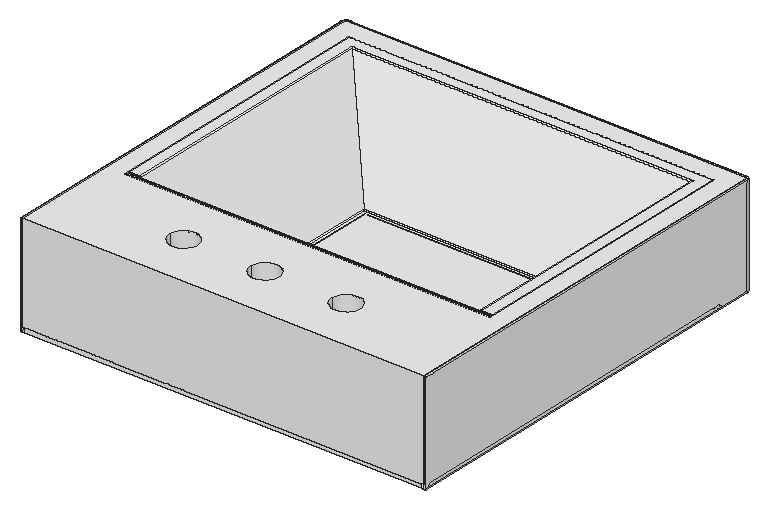
Revit family "460x460", category Plumbing Fixtures, Revit 2015
Parameters
  Material [instance] = Porcelain White
  Manufacturer = ""
  Assembly Code = ""
Reference planes
  plane 1 "Center (Front/Back)": y = 0
  plane 2: z = 0
  plane 3 "Center (Left/Right)": x = 0
  plane 4: x = -134.49
  plane 5: x = -249.489
  plane 6: x = -224.489
Forms (mm)
  Sweep 1, solid, material "Porcelain White" <- "Material"
    path origin (-125, -75, 730) x (1, 0, 0) y (0, 1, 0)
      loop
        line (-99.49, 210) -> (-99.49, 550) -> (349.489, 550) -> (349.489, 210)
    profile origin (0, 305, 0) x (-1, 0, 0) y (0, 0, 1)
      loop
        line (224.489, 845) -> (224.489, 850) -> (210.598, 850)
        arc (210.598, 850) -> (209.628, 849.749) -> (208.902, 849.06) r 2
        line (208.902, 849.06) -> (135.077, 730.94)
        arc (135.077, 730.94) -> (134.351, 730.251) -> (133.381, 730) r 2
        line (133.381, 730) -> (129.136, 730) -> (129.136, 724.958) -> (137.234, 724.958) -> (212.261, 845) -> (224.489, 845)
  Sweep 2, solid, material "Porcelain White" <- "Material"
    path origin (-125, -75, 730) x (1, 0, 0) y (0, 1, 0)
      loop
        line (-99.49, 205) -> (349.489, 205)
    profile origin (0, 0, 0) x (0, 1, 0) y (0, 0, 1)
      loop
        line (149.827, 731.749) -> (135.102, 848.251)
        arc (135.102, 848.251) -> (134.441, 849.5) -> (133.118, 850) r 2
        line (133.118, 850) -> (129.881, 850) -> (145.686, 724.958) -> (155.686, 724.958) -> (155.686, 730) -> (151.811, 730)
        arc (151.811, 730) -> (150.489, 730.5) -> (149.827, 731.749) r 2
  Extrusion 3, solid, material "Porcelain White" <- "Material"
    sketch origin (-125, -75, 730) x (1, 0, 0) y (0, 1, 0)
      loop
        arc (-119.49, 573) -> (-121.611, 572.121) -> (-122.49, 570) r 3
        line (-122.49, 570) -> (-122.49, 75) -> (372.489, 75) -> (372.489, 570)
        arc (372.489, 570) -> (371.611, 572.121) -> (369.489, 573) r 3
        line (369.489, 573) -> (-119.49, 573)
      loop
        circle (25.511, 139.361) r 17.5
      loop
        circle (125.511, 139.361) r 17.5
      loop
        circle (225.511, 139.361) r 17.5
      loop
        line (349.489, 550) -> (-99.49, 550) -> (-99.49, 205) -> (349.489, 205) -> (349.489, 550)
    from 0 to 120
  Sweep 4, solid, material "Porcelain White" <- "Material"
    path origin (-125, -75, 730) x (1, 0, 0) y (0, 1, 0)
      loop
        line (-124.49, 75) -> (-124.49, 570)
        arc (-124.49, 570) -> (-123.025, 573.536) -> (-119.49, 575) r 5
        line (-119.49, 575) -> (369.489, 575)
        arc (369.489, 575) -> (373.025, 573.536) -> (374.489, 570) r 5
        line (374.489, 570) -> (374.489, 75)
    profile origin (0, 247.5, 0) x (-1, 0, 0) y (0, 0, 1)
      loop
        line (247.489, 850) -> (247.489, 725) -> (248.489, 725)
        arc (248.489, 725) -> (249.197, 725.293) -> (249.489, 726) r 1
        line (249.489, 726) -> (249.489, 849)
        arc (249.489, 849) -> (249.197, 849.707) -> (248.489, 850) r 1
        line (248.489, 850) -> (247.489, 850)
  Extrusion 5, solid, material "Porcelain White" <- "Material"
    sketch origin (-125, -75, 730) x (1, 0, 0) y (0, 1, 0)
      loop
        arc (-124.49, 80) -> (-123.025, 76.464) -> (-119.49, 75) r 5
        line (-119.49, 75) -> (369.489, 75)
        arc (369.489, 75) -> (373.025, 76.464) -> (374.489, 80) r 5
        line (374.489, 80) -> (374.489, 570)
        arc (374.489, 570) -> (373.025, 573.536) -> (369.489, 575) r 5
        line (369.489, 575) -> (-119.49, 575)
        arc (-119.49, 575) -> (-123.025, 573.536) -> (-124.49, 570) r 5
        line (-124.49, 570) -> (-124.49, 80)
      loop
        circle (125.51, 275) r 23
    from -5.042 to 0
Lines and regions (mm)
  symbolic lines
    curve 1: line (-244.489, 500, 0) -> (244.49, 500, 0)
    curve 2: arc (244.49, 500, 0) -> (248.025, 498.536, 0) -> (249.49, 495, 0) r 5
    curve 3: line (249.49, 495, 0) -> (249.49, 5, 0)
    curve 4: arc (249.49, 5, 0) -> (248.025, 1.464, 0) -> (244.49, 0, 0) r 5
    curve 5: line (244.49, 0, 0) -> (-244.489, 0, 0)
    curve 6: arc (-244.489, 0, 0) -> (-248.025, 1.464, 0) -> (-249.489, 5, 0) r 5
    curve 7: line (-249.489, 5, 0) -> (-249.489, 495, 0)
    curve 8: arc (-249.489, 495, 0) -> (-248.025, 498.536, 0) -> (-244.489, 500, 0) r 5
    curve 9: line (-219.489, 475, 0) -> (219.49, 475, 0)
    curve 10: arc (219.49, 475, 0) -> (223.025, 473.536, 0) -> (224.49, 470, 0) r 5
    curve 11: line (224.49, 470, 0) -> (224.49, 135, 0)
    curve 12: arc (224.49, 135, 0) -> (223.025, 131.464, 0) -> (219.49, 130, 0) r 5
    curve 13: line (219.49, 130, 0) -> (-219.489, 130, 0)
    curve 14: arc (-219.489, 130, 0) -> (-223.025, 131.464, 0) -> (-224.489, 135, 0) r 5
    curve 15: line (-224.489, 135, 0) -> (-224.489, 470, 0)
    curve 16: arc (-224.489, 470, 0) -> (-223.025, 473.536, 0) -> (-219.489, 475, 0) r 5
    curve 17: line (124.106, 150.048, 0) -> (-126.022, 150.048, 0)
    curve 18: line (-126.022, 150.048, 0) -> (-129.49, 150.048, 0)
    curve 19: arc (-129.49, 150.048, 0) -> (-133.025, 151.513, 0) -> (-134.49, 155.048, 0) r 5
    curve 20: line (-134.49, 155.048, 0) -> (-134.49, 380, 0)
    curve 21: arc (-134.49, 380, 0) -> (-133.025, 383.536, 0) -> (-129.49, 385, 0) r 5
    curve 22: line (-129.49, 385, 0) -> (130.511, 385, 0)
    curve 23: line (-219.489, 470, 0) -> (-137.619, 388.13, 0)
    curve 24: line (219.49, 470, 0) -> (137.185, 387.696, 0)
    curve 25: line (219.49, 135, 0) -> (139.819, 150.477, 0)
    curve 26: line (-219.489, 135, 0) -> (-139.472, 151.032, 0)
    curve 27: arc (23.511, 200, 0) -> (0.511, 177, 0) -> (-22.489, 200, 0) r 23
    curve 28: arc (-22.489, 200, 0) -> (0.511, 223, 0) -> (23.511, 200, 0) r 23
    curve 29: arc (-36.989, 200, 0) -> (0.511, 237.5, 0) -> (38.011, 200, 0) r 37.5
    curve 30: arc (38.011, 200, 0) -> (0.511, 162.5, 0) -> (-36.989, 200, 0) r 37.5
    curve 31: arc (-16.989, 64.361, 0) -> (0.511, 81.861, 0) -> (18.011, 64.361, 0) r 17.5
    curve 32: arc (18.011, 64.361, 0) -> (0.511, 46.861, 0) -> (-16.989, 64.361, 0) r 17.5
    curve 33: arc (83.011, 64.361, 0) -> (100.511, 81.861, 0) -> (118.011, 64.361, 0) r 17.5
    curve 34: arc (118.011, 64.361, 0) -> (100.511, 46.861, 0) -> (83.011, 64.361, 0) r 17.5
    curve 35: arc (-116.989, 64.361, 0) -> (-99.489, 81.861, 0) -> (-81.989, 64.361, 0) r 17.5
    curve 36: arc (-81.989, 64.361, 0) -> (-99.489, 46.861, 0) -> (-116.989, 64.361, 0) r 17.5
    curve 37: spline (-11.99, 136.838, 0) -> (-11.564, 137.639, 0) -> (-10.315, 138.385, 0) -> (-8.328, 139.026, 0) -> (-5.74, 139.518, 0) -> (-2.725, 139.827, 0) -> (0.51, 139.933, 0) -> (3.746, 139.827, 0) -> (6.76, 139.518, 0) -> (9.349, 139.026, 0) -> (11.336, 138.385, 0) -> (12.585, 137.639, 0) -> (13.01, 136.838, 0)
    curve 38: spline (-11.99, 136.838, 0) -> (-11.564, 136.036, 0) -> (-10.315, 135.29, 0) -> (-8.328, 134.649, 0) -> (-5.74, 134.157, 0) -> (-2.725, 133.848, 0) -> (0.51, 133.742, 0) -> (3.746, 133.848, 0) -> (6.76, 134.157, 0) -> (9.349, 134.649, 0) -> (11.336, 135.29, 0) -> (12.585, 136.036, 0) -> (13.01, 136.838, 0)
    curve 39: arc (130.511, 150.048, 0) -> (134.046, 151.513, 0) -> (135.511, 155.048, 0) r 5
    curve 40: line (135.511, 155.048, 0) -> (135.511, 380, 0)
    curve 41: arc (135.511, 380, 0) -> (134.046, 383.536, 0) -> (130.511, 385, 0) r 5
Dimensions and locks
  locked: curve 1 to curve 5 at 500
  locked: curve 9 to curve 1 at 25
  locked: curve 13 to curve 5 at 130
  locked: curve 17 to curve 13 at 20.048
  locked: curve 22 to curve 17 at 234.952
  locked: curve 22 to curve 9 at 90
  curve 32 to curve 36 to curve 34 to curve 5 = 0 mm, 0 mm, 46.861 mm locked
  curve 27 to curve 30 to curve 17 = 14.5 mm locked, 12.452 mm locked
  locked: curve 38 to curve 13 at 3.742
